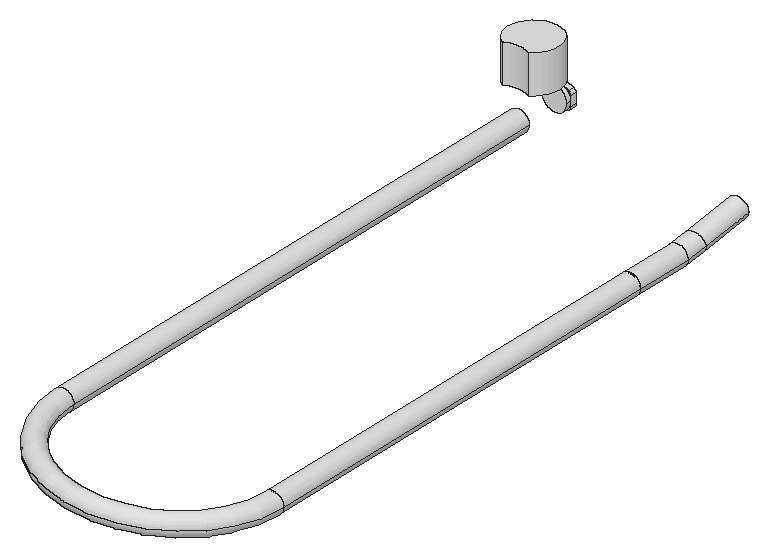
Revit family "Deca_Ducha higiênica com registro e derivação_Targa_1984.40.ACT", category Plumbing Fixtures, host Face, Revit 2020
Family settings
  Host = Face
  Round Connector Dimension = Use Radius
  Part Type = Normal
  Cut with Voids When Loaded = No
  Shared = No
  Room Calculation Point = No
Parameters (values of type "1984.C40.ACT.CR_Cromado")
  Vazão na Pressão mín. (L/min) = "4"
  Vazão na Pressão máx. (L/min) = "6"
  URL = "www.deca.com.br"
  Tipo de rosca de saída = ""
  Tipo de rosca de entrada = "BSP NBR 8133"
  Tipo de mecanismo utilizado = "MVC -1/4 volta"
  Tipo de dispositivo economizador = "Sim"
  Segmento = "Banheiro Competitivo (D41)"
  Saída de Esgoto = ""
  Raio Água Fria Saída = 0.0075 m  # constant formula
  Raio Água Fria = 0.0075 m  # constant formula
  Pressão mín. funcionamento = "2"
  Pressão mín. Aquec. Passagem = ""
  Pressão mín. Aquec. Acúmulo = ""
  Pressão máx. funcionamento = "40"
  Peso Líquido (Kg) = 0.715
  Norma = "NBR14877"
  Model = "1984.C40.ACT.CR"
  Material Secundário = Deca_Branco
  Material = Deca_Cromado
  Manufacturer = "DECA"
  Linha = "Targa"
  Itens de Instalação = ""
  Informações Complementares = ""
  Default Elevation = 0.70 m
  Diâmetro Água Fria Saída = 2 * Raio Água Fria Saída  # 0.015 m
  Diâmetro Água Fria = 2 * Raio Água Fria  # 0.015 m
  Código Pai = "1984.40.ACT"
  Criado por = "quattroD"
  Cores Componente = ""
  Cor Secundária = ""
  Cor Principal = "Cromado"
  Cor Interna = ""
  Consumo = "Otimização do jato de água"
  Composição Componente = ""
  Composição Básica = "Liga cobre (bronze e latão);Aço;Plástico de Engenharia;Elastômeros"
  Composição Assento = ""
  Composição Anel Vedação = ""
  Categoria = "Chuveiros e duchas"
  Atendimento ao Cliente = "0800-0117073"
  Aprovado por = "quattroD"
  Acompanha o Produto = ""
Reference planes (m)
  plane 1 "Center (Front/Back)": y = 0
  plane 2: z = 0
  plane 3 "Center (Left/Right)": x = 0
Forms (m)
  Sweep 1, solid, material "Deca_Cromado" <- "Material"
    path origin (-0.000012, -0.693563, 0.035007) x (0, -1, 0) y (0.996195, 0, -0.087156)
      loop
        line (-0.675563, 0.000001) -> (-0.134541, 0.000001)
        arc (-0.134541, 0.000001) -> (-0.034362, 0.10018) -> (-0.134541, 0.20036) r 0.100179
        line (-0.134541, 0.20036) -> (-0.558206, 0.20036)
    profile origin (-0.00001, -0.288511, 0.035007) x (0.996195, 0, -0.087156) y (0.087156, 0, 0.996195)
      loop
        circle (0, 0) r 0.01
  Sweep 2, solid, material "Deca_Cromado" <- "Material"
    path origin (0.303261, 0.091519, 1.20008) x (0, 1, 0) y (0.087156, 0, 0.996195)
      loop
        line (-0.227488, -1.187053) -> (-0.170394, -1.187053)
        arc (-0.170394, -1.187053) -> (-0.159761, -1.186496) -> (-0.149244, -1.18483) r 0.101728
        arc (-0.149244, -1.18483) -> (-0.124484, -1.180241) -> (-0.099519, -1.176955) r 0.480979
    profile origin (0.199802, -0.107422, 0.017544) x (0.087156, 0, 0.996195) y (0.996195, 0, -0.087156)
      loop
        spline (-0.000077, -0.010216) -> (0.002481, -0.009876) -> (0.004864, -0.008877) -> (0.00691, -0.007287) -> (0.008481, -0.005216) -> (0.009468, -0.002805) -> (0.009804, -0.000216) -> (0.009468, 0.002372) -> (0.008481, 0.004784) -> (0.00691, 0.006855) -> (0.004864, 0.008444) -> (0.002481, 0.009443) -> (-0.000077, 0.009784)
        spline (-0.000077, 0.009784) -> (-0.002634, 0.009443) -> (-0.005017, 0.008444) -> (-0.007064, 0.006855) -> (-0.008634, 0.004784) -> (-0.009621, 0.002372) -> (-0.009958, -0.000216) -> (-0.009621, -0.002805) -> (-0.008634, -0.005216) -> (-0.007064, -0.007287) -> (-0.005017, -0.008877) -> (-0.002634, -0.009876) -> (-0.000077, -0.010216)
  Extrusion 3, solid, material "Deca_Cromado" <- "Material"
    sketch origin (0, -0.066348, 0) x (-1, 0, 0) y (0, 1, 0)
      loop
        arc (-0.012566, 0.045319) -> (0.000002, 0.048078) -> (0.012569, 0.045319) r 0.03
        arc (0.012569, 0.045319) -> (0.000002, 0.090846) -> (-0.012566, 0.045319) r 0.024498
    from -0.099173 to -0.062449
  Extrusion 4, solid, material "Deca_Cromado" <- "Material"
    sketch origin (0, 0.0254, 0.035) x (-1, 0, 0) y (0, 0, -1)
      loop
        line (-0.01, -0.008083) -> (-0.002, -0.012702)
        arc (-0.002, -0.012702) -> (0, -0.013238) -> (0.002, -0.012702) r 0.004
        line (0.002, -0.012702) -> (0.01, -0.008083)
        arc (0.01, -0.008083) -> (0.011464, -0.006619) -> (0.012, -0.004619) r 0.004
        line (0.012, -0.004619) -> (0.012, 0.004619)
        arc (0.012, 0.004619) -> (0.011464, 0.006619) -> (0.01, 0.008083) r 0.004
        line (0.01, 0.008083) -> (0.002, 0.012702)
        arc (0.002, 0.012702) -> (0, 0.013238) -> (-0.002, 0.012702) r 0.004
        line (-0.002, 0.012702) -> (-0.01, 0.008083)
        arc (-0.01, 0.008083) -> (-0.011464, 0.006619) -> (-0.012, 0.004619) r 0.004
        line (-0.012, 0.004619) -> (-0.012, -0.004619)
        arc (-0.012, -0.004619) -> (-0.011464, -0.006619) -> (-0.01, -0.008083) r 0.004
    from -0.0095 to -0.004015
  Extrusion 5, solid, material "Deca_Cromado" <- "Material"
    sketch origin (0, 0.029415, 0.035) x (-1, 0, 0) y (0, 0, -1)
      loop
        circle (0.000021, 0.000001) r 0.011571
    from 0 to 0.004015
Lines and regions (m)
  Masking region 1
    outline origin (-2.018205, -1.24086, 0) x (1, 0, 0) y (0, 1, 0)
      loop
        arc (2.006203, 1.26836) -> (1.993105, 1.257296) -> (1.988205, 1.240865) r 0.03
        arc (1.988205, 1.240865) -> (1.993855, 1.223342) -> (2.008677, 1.212418) r 0.03
        line (2.008677, 1.212418) -> (2.008677, 1.208744)
        arc (2.008677, 1.208744) -> (2.009121, 1.207497) -> (2.010252, 1.206809) r 0.001976
        line (2.010252, 1.206809) -> (2.0112, 1.206784) -> (2.0112, 0.680537)
        arc (2.0112, 0.680537) -> (2.118186, 0.573551) -> (2.225173, 0.680537) r 0.106986
        line (2.225173, 0.680537) -> (2.225175, 1.232859) -> (2.23518, 1.232859) -> (2.23518, 1.255495)
        arc (2.23518, 1.255495) -> (2.234993, 1.256078) -> (2.234501, 1.256442) r 0.001
        arc (2.234501, 1.256442) -> (2.232588, 1.25705) -> (2.230653, 1.257582) r 0.050752
        arc (2.230653, 1.257582) -> (2.23124, 1.257949) -> (2.231673, 1.258489) r 0.002071
        line (2.231673, 1.258489) -> (2.230026, 1.29231) -> (2.226717, 1.320304)
        arc (2.226717, 1.320304) -> (2.228915, 1.32256) -> (2.230448, 1.325311) r 0.011964
        arc (2.230448, 1.325311) -> (2.230974, 1.327126) -> (2.231152, 1.329007) r 0.010056
        line (2.231152, 1.329007) -> (2.231152, 1.341472)
        arc (2.231152, 1.341472) -> (2.229569, 1.34719) -> (2.225769, 1.351746) r 0.014066
        arc (2.225769, 1.351746) -> (2.218177, 1.354088) -> (2.210585, 1.351746) r 0.013479
        arc (2.210585, 1.351746) -> (2.206598, 1.346819) -> (2.205179, 1.340641) r 0.014066
        line (2.205179, 1.340641) -> (2.205196, 1.329007)
        arc (2.205196, 1.329007) -> (2.205374, 1.327126) -> (2.2059, 1.325311) r 0.010056
        arc (2.2059, 1.325311) -> (2.207433, 1.32256) -> (2.209631, 1.320304) r 0.011964
        line (2.209631, 1.320304) -> (2.206321, 1.29231) -> (2.204673, 1.258457)
        arc (2.204673, 1.258457) -> (2.205106, 1.257933) -> (2.205685, 1.257578) r 0.002071
        arc (2.205685, 1.257578) -> (2.203757, 1.257048) -> (2.201852, 1.256442) r 0.050752
        arc (2.201852, 1.256442) -> (2.201361, 1.256078) -> (2.201174, 1.255495) r 0.001
        line (2.201174, 1.255495) -> (2.201174, 1.232859) -> (2.211173, 1.232859) -> (2.211173, 0.680537)
        arc (2.211173, 0.680537) -> (2.118198, 0.587563) -> (2.025223, 0.680537) r 0.092975
        line (2.025223, 0.680537) -> (2.025223, 1.206784) -> (2.026158, 1.206809)
        arc (2.026158, 1.206809) -> (2.027252, 1.207451) -> (2.02773, 1.208626) r 0.001976
        line (2.02773, 1.208626) -> (2.02773, 1.212417)
        arc (2.02773, 1.212417) -> (2.048176, 1.23954) -> (2.030203, 1.268361) r 0.03
        line (2.030203, 1.268361) -> (2.030203, 1.274867)
        arc (2.030203, 1.274867) -> (2.029891, 1.275502) -> (2.029231, 1.27576) r 0.000976
        line (2.029231, 1.27576) -> (2.007179, 1.27576)
        arc (2.007179, 1.27576) -> (2.006489, 1.275474) -> (2.006203, 1.274784) r 0.000976
        line (2.006203, 1.274784) -> (2.006203, 1.26836)
  Masking region 2
    outline origin (0, 0.889898, -0.946899) x (0, 1, 0) y (0, 0, 1)
      loop
        line (-0.910927, 1.043548) -> (-0.910927, 1.009348) -> (-0.902398, 1.009348) -> (-0.902398, 0.999463)
        arc (-0.902398, 0.999463) -> (-0.904158, 0.995228) -> (-0.908393, 0.993469) r 0.006008
        line (-0.908393, 0.993469) -> (-0.911898, 0.993469) -> (-0.911898, 0.992219) -> (-0.913998, 0.991265)
        arc (-0.913998, 0.991265) -> (-0.914295, 0.991983) -> (-0.915013, 0.99228) r 0.001015
        line (-0.915013, 0.99228) -> (-0.921998, 0.99228)
        arc (-0.921998, 0.99228) -> (-0.923412, 0.991694) -> (-0.923998, 0.99028) r 0.002
        line (-0.923998, 0.99028) -> (-0.923998, 0.988899) -> (-1.459134, 0.988899)
        arc (-1.459134, 0.988899) -> (-1.494779, 0.987965) -> (-1.530326, 0.985168) r 0.681084
        arc (-1.530326, 0.985168) -> (-1.543124, 0.982447) -> (-1.555077, 0.977126) r 0.062585
        arc (-1.555077, 0.977126) -> (-1.55856, 0.969657) -> (-1.552733, 0.963829) r 0.007184
        arc (-1.552733, 0.963829) -> (-1.527922, 0.960342) -> (-1.502929, 0.958595) r 0.35895
        line (-1.502929, 0.958595) -> (-0.967929, 0.958595) -> (-0.904883, 0.966336) -> (-0.904625, 0.964869)
        arc (-0.904625, 0.964869) -> (-0.904213, 0.964224) -> (-0.903466, 0.964058) r 0.001
        line (-0.903466, 0.964058) -> (-0.902398, 0.964246) -> (-0.902398, 0.959909)
        arc (-0.902398, 0.959909) -> (-0.904271, 0.959123) -> (-0.905641, 0.957622) r 0.004723
        line (-0.905641, 0.957622) -> (-0.905641, 0.956739) -> (-0.912291, 0.956739)
        arc (-0.912291, 0.956739) -> (-0.912773, 0.956643) -> (-0.913182, 0.95637) r 0.00126
        line (-0.913182, 0.95637) -> (-0.919529, 0.950023)
        arc (-0.919529, 0.950023) -> (-0.919802, 0.949614) -> (-0.919898, 0.949132) r 0.00126
        line (-0.919898, 0.949132) -> (-0.919898, 0.946899) -> (-0.859898, 0.946899) -> (-0.859898, 0.949132)
        arc (-0.859898, 0.949132) -> (-0.859993, 0.949614) -> (-0.860266, 0.950023) r 0.00126
        line (-0.860266, 0.950023) -> (-0.866613, 0.95637)
        arc (-0.866613, 0.95637) -> (-0.867022, 0.956643) -> (-0.867504, 0.956739) r 0.00126
        line (-0.867504, 0.956739) -> (-0.871618, 0.956739) -> (-0.871618, 0.966036) -> (-0.860012, 0.968661) -> (-0.854998, 0.968661) -> (-0.854998, 0.969795) -> (-0.83643, 0.973995) -> (-0.813105, 0.980966) -> (-0.802183, 0.95768) -> (-0.8006, 0.956766) -> (-0.801706, 0.956247) -> (-0.798784, 0.952094) -> (-0.776522, 0.962536) -> (-0.777847, 0.967437) -> (-0.778963, 0.966913) -> (-0.778644, 0.96872) -> (-0.785772, 0.983919)
        arc (-0.785772, 0.983919) -> (-0.78579, 0.984302) -> (-0.785532, 0.984585) r 0.0005
        line (-0.785532, 0.984585) -> (-0.782912, 0.985811)
        arc (-0.782912, 0.985811) -> (-0.782654, 0.986093) -> (-0.782672, 0.986475) r 0.0005
        line (-0.782672, 0.986475) -> (-0.786025, 0.993639)
        arc (-0.786025, 0.993639) -> (-0.786322, 0.993971) -> (-0.786767, 0.993939) r 0.000506
        line (-0.786767, 0.993939) -> (-0.789348, 0.992735)
        arc (-0.789348, 0.992735) -> (-0.79251, 1.000222) -> (-0.797123, 1.006912) r 0.0399
        arc (-0.797123, 1.006912) -> (-0.797884, 1.007551) -> (-0.798811, 1.007907) r 0.003
        arc (-0.798811, 1.007907) -> (-0.803417, 1.008811) -> (-0.808034, 1.009662) r 0.400338
        arc (-0.808034, 1.009662) -> (-0.8268, 1.012548) -> (-0.845682, 1.01454) r 0.4
        line (-0.845682, 1.01454) -> (-0.846331, 1.012314)
        arc (-0.846331, 1.012314) -> (-0.846201, 1.011158) -> (-0.845282, 1.010443) r 0.0015
        line (-0.845282, 1.010443) -> (-0.843039, 1.009823)
        arc (-0.843039, 1.009823) -> (-0.832599, 1.006751) -> (-0.822247, 1.003396) r 0.4
        arc (-0.822247, 1.003396) -> (-0.817828, 1.001494) -> (-0.813766, 0.998917) r 0.03032
        line (-0.813766, 0.998917) -> (-0.840547, 0.997344) -> (-0.87063, 0.993514)
        arc (-0.87063, 0.993514) -> (-0.875366, 0.994973) -> (-0.877398, 0.99949) r 0.006008
        line (-0.877398, 0.99949) -> (-0.877398, 1.009348) -> (-0.865399, 1.009348) -> (-0.865399, 1.042548)
        arc (-0.865399, 1.042548) -> (-0.866131, 1.044316) -> (-0.867899, 1.045048) r 0.0025
        line (-0.867899, 1.045048) -> (-0.909427, 1.045048)
        arc (-0.909427, 1.045048) -> (-0.910487, 1.044609) -> (-0.910927, 1.043548) r 0.0015
  Masking region 3
    outline origin (1.490612, 0, -1.004368) x (-1, 0, 0) y (0, 0, 1)
      loop
        arc (1.307639, 1.013188) -> (1.392893, 1.020447) -> (1.478112, 1.028112) r 17.944347
        line (1.478112, 1.028112) -> (1.478112, 1.017378)
        arc (1.478112, 1.017378) -> (1.476239, 1.016592) -> (1.474869, 1.015091) r 0.004723
        line (1.474869, 1.015091) -> (1.475679, 1.015091) -> (1.475679, 1.014207) -> (1.468219, 1.014207)
        arc (1.468219, 1.014207) -> (1.467737, 1.014112) -> (1.467328, 1.013839) r 0.00126
        line (1.467328, 1.013839) -> (1.460981, 1.007492)
        arc (1.460981, 1.007492) -> (1.460708, 1.007083) -> (1.460612, 1.006601) r 0.00126
        line (1.460612, 1.006601) -> (1.460612, 1.004368) -> (1.520612, 1.004368) -> (1.520612, 1.006601)
        arc (1.520612, 1.006601) -> (1.520517, 1.007083) -> (1.520244, 1.007492) r 0.00126
        line (1.520244, 1.007492) -> (1.513897, 1.013839)
        arc (1.513897, 1.013839) -> (1.513488, 1.014112) -> (1.513006, 1.014207) r 0.00126
        line (1.513006, 1.014207) -> (1.505585, 1.014207) -> (1.505585, 1.015091) -> (1.506475, 1.015091)
        arc (1.506475, 1.015091) -> (1.505018, 1.016565) -> (1.503112, 1.017382) r 0.005404
        line (1.503112, 1.017382) -> (1.503112, 1.066817) -> (1.515111, 1.066817) -> (1.515111, 1.100017)
        arc (1.515111, 1.100017) -> (1.514379, 1.101785) -> (1.512611, 1.102517) r 0.0025
        line (1.512611, 1.102517) -> (1.468614, 1.102517)
        arc (1.468614, 1.102517) -> (1.466846, 1.101785) -> (1.466114, 1.100017) r 0.0025
        line (1.466114, 1.100017) -> (1.466114, 1.066817) -> (1.478112, 1.066817) -> (1.478112, 1.048297)
        arc (1.478112, 1.048297) -> (1.392891, 1.04052) -> (1.307639, 1.033094) r 20.819803
        arc (1.307639, 1.033094) -> (1.30666, 1.038629) -> (1.303842, 1.043492) r 0.016139
        line (1.303842, 1.043492) -> (1.303639, 1.04448) -> (1.303441, 1.045438) -> (1.302855, 1.046368) -> (1.301897, 1.04724) -> (1.300598, 1.048028) -> (1.298639, 1.04886) -> (1.298639, 1.06848)
        arc (1.298639, 1.06848) -> (1.297955, 1.070938) -> (1.295639, 1.072009) r 0.00304
        line (1.295639, 1.072009) -> (1.285639, 1.072009)
        arc (1.285639, 1.072009) -> (1.28367, 1.071285) -> (1.282639, 1.069458) r 0.00304
        line (1.282639, 1.069458) -> (1.282639, 1.048808) -> (1.281442, 1.048381) -> (1.279986, 1.047644) -> (1.278854, 1.04681) -> (1.27808, 1.045906) -> (1.277639, 1.04484) -> (1.277418, 1.043409)
        arc (1.277418, 1.043409) -> (1.274613, 1.038587) -> (1.273639, 1.033094) r 0.015966
        line (1.273639, 1.033094) -> (1.273639, 1.004368) -> (1.307639, 1.004368) -> (1.307639, 1.013188)
  symbolic lines
    curve 1: line (0.213468, 0.01763, 0.027128) -> (0.211821, 0.051451, 0.027128)
    curve 2: line (0.188116, 0.051451, 0.027128) -> (0.186468, 0.017597, 0.027128)
    curve 3: line (0.191969, 0.084035, 0.027128) -> (0.188116, 0.051451, 0.027128)
    curve 4: line (0.211821, 0.051451, 0.027128) -> (0.207969, 0.084035, 0.027128)
    curve 5: line (0.207969, 0.081337, 0.027128) -> (0.207969, 0.047262, 0.027128)
    curve 6: line (0.207969, 0.047262, 0.027128) -> (0.207891, 0.045492, 0.027128)
    curve 7: line (0.207891, 0.045492, 0.027128) -> (0.207792, 0.044614, 0.027128)
    curve 8: line (0.207792, 0.044614, 0.027128) -> (0.207649, 0.043743, 0.027128)
    curve 9: line (0.191969, 0.046241, 0.027128) -> (0.191969, 0.081337, 0.027128)
    curve 10: line (0.194969, 0.081863, 0.027128) -> (0.194969, 0.043945, 0.027128)
    curve 11: line (0.204969, 0.043945, 0.027128) -> (0.204969, 0.081863, 0.027128)
    curve 12: line (0.193025, 0.087287, 0.027128) -> (0.192678, 0.086318, 0.027128)
    curve 13: line (0.192678, 0.086318, 0.027128) -> (0.192405, 0.085323, 0.027128)
    curve 14: line (0.192405, 0.085323, 0.027128) -> (0.192203, 0.084312, 0.027128)
    curve 15: line (0.192203, 0.084312, 0.027128) -> (0.192025, 0.08283, 0.027128)
    curve 16: line (0.191969, 0.08283, 0.027128) -> (0.191969, 0.093212, 0.027128)
    curve 17: line (0.207969, 0.093212, 0.027128) -> (0.207969, 0.081337, 0.027128)
    curve 18: line (0.207969, 0.081337, 0.027128) -> (0.207969, 0.046077, 0.027128)
    curve 19: line (0.207969, 0.047262, 0.027128) -> (0.207891, 0.045492, 0.027128)
    curve 20: line (0.207891, 0.045492, 0.027128) -> (0.207792, 0.044614, 0.027128)
    curve 21: line (0.207792, 0.044614, 0.027128) -> (0.207649, 0.043743, 0.027128)
    curve 22: arc (0.207969, 0.093212, 0.027128) -> (0.205454, 0.0985, 0.027128) -> (0.199969, 0.100549, 0.027128) r 0.007801
    curve 23: arc (0.191969, 0.093212, 0.027128) -> (0.194483, 0.0985, 0.027128) -> (0.199969, 0.100549, 0.027128) r 0.007801
    curve 24: line (0.199969, 0.100549, 0.027128) -> (0.199969, 0.091086, 0.027128)
    curve 25: arc (0.199969, 0.092774, 0.027128) -> (0.198339, 0.092575, 0.027128) -> (0.196829, 0.091933, 0.027128) r 0.005871
    curve 26: arc (0.196829, 0.091933, 0.027128) -> (0.194525, 0.089939, 0.027128) -> (0.193025, 0.087287, 0.027128) r 0.008943
    curve 27: arc (0.199969, 0.092774, 0.027128) -> (0.201598, 0.092575, 0.027128) -> (0.203109, 0.091933, 0.027128) r 0.005871
    curve 28: arc (0.203109, 0.091933, 0.027128) -> (0.205412, 0.089939, 0.027128) -> (0.206913, 0.087287, 0.027128) r 0.008943
    curve 29: line (0.206913, 0.087287, 0.027128) -> (0.20726, 0.086318, 0.027128)
    curve 30: line (0.20726, 0.086318, 0.027128) -> (0.207532, 0.085323, 0.027128)
    curve 31: line (0.207532, 0.085323, 0.027128) -> (0.207734, 0.084312, 0.027128)
    curve 32: line (0.207734, 0.084312, 0.027128) -> (0.207913, 0.08283, 0.027128)
    curve 33: arc (0.199969, 0.091086, 0.027128) -> (0.198519, 0.090741, 0.027128) -> (0.197322, 0.089852, 0.027128) r 0.003706
    curve 34: arc (0.197322, 0.089852, 0.027128) -> (0.196138, 0.088122, 0.027128) -> (0.195434, 0.086146, 0.027128) r 0.008141
    curve 35: arc (0.195434, 0.086146, 0.027128) -> (0.195085, 0.084017, 0.027128) -> (0.194969, 0.081863, 0.027128) r 0.01994
    curve 36: arc (0.199969, 0.091086, 0.027128) -> (0.201419, 0.090741, 0.027128) -> (0.202615, 0.089852, 0.027128) r 0.003706
    curve 37: arc (0.202615, 0.089852, 0.027128) -> (0.2038, 0.088122, 0.027128) -> (0.204503, 0.086146, 0.027128) r 0.008141
    curve 38: arc (0.204503, 0.086146, 0.027128) -> (0.204852, 0.084017, 0.027128) -> (0.204969, 0.081863, 0.027128) r 0.01994
    curve 39: arc (0.194969, 0.081863, 0.027128) -> (0.19344, 0.081766, 0.027128) -> (0.191969, 0.081337, 0.027128) r 0.006996
    curve 40: arc (0.204969, 0.081863, 0.027128) -> (0.206498, 0.081766, 0.027128) -> (0.207969, 0.081337, 0.027128) r 0.006996
    curve 41: arc (0.19577, 0.099457, 0.027128) -> (0.192308, 0.097837, 0.027128) -> (0.18951, 0.095235, 0.027128) r 0.01231
    curve 42: arc (0.18951, 0.095235, 0.027128) -> (0.187918, 0.09254, 0.027128) -> (0.187085, 0.089523, 0.027128) r 0.011879
    curve 43: arc (0.187085, 0.089523, 0.027128) -> (0.187063, 0.086948, 0.027128) -> (0.187695, 0.084451, 0.027128) r 0.010056
    curve 44: arc (0.187695, 0.084451, 0.027128) -> (0.189228, 0.0817, 0.027128) -> (0.191426, 0.079444, 0.027128) r 0.011964
    curve 45: arc (0.204168, 0.099457, 0.027128) -> (0.207629, 0.097837, 0.027128) -> (0.210428, 0.095235, 0.027128) r 0.01231
    curve 46: arc (0.210428, 0.095235, 0.027128) -> (0.212019, 0.09254, 0.027128) -> (0.212852, 0.089523, 0.027128) r 0.011879
    curve 47: arc (0.212852, 0.089523, 0.027128) -> (0.212875, 0.086948, 0.027128) -> (0.212243, 0.084451, 0.027128) r 0.010056
    curve 48: arc (0.212243, 0.084451, 0.027128) -> (0.210709, 0.0817, 0.027128) -> (0.208512, 0.079444, 0.027128) r 0.011964
    curve 49: arc (0.199969, 0.111254, 0.027128) -> (0.195653, 0.110532, 0.027128) -> (0.191737, 0.108579, 0.027128) r 0.014792
    curve 50: arc (0.191737, 0.108579, 0.027128) -> (0.188322, 0.104751, 0.027128) -> (0.186974, 0.099802, 0.027128) r 0.011191
    curve 51: arc (0.199969, 0.111254, 0.027128) -> (0.204285, 0.110532, 0.027128) -> (0.2082, 0.108579, 0.027128) r 0.014792
    curve 52: arc (0.2082, 0.108579, 0.027128) -> (0.211532, 0.104903, 0.027128) -> (0.212947, 0.100148, 0.027128) r 0.011191
    curve 53: arc (0.192969, 0.006255, 0.027128) -> (0.199972, 0.005833, 0.027128) -> (0.206975, 0.006255, 0.027128) r 0.05825
    curve 54: arc (0.192969, 0.004571, 0.027128) -> (0.199972, 0.004132, 0.027128) -> (0.206975, 0.004571, 0.027128) r 0.056151
    curve 55: line (0.192969, 0.01376, 0.027128) -> (0.192969, -0.008, 0.027128)
    curve 56: line (0.192969, -0.008, 0.027128) -> (0.182969, -0.008, 0.027128)
    curve 57: line (0.182969, -0.008, 0.027128) -> (0.182969, 0.014636, 0.027128)
    curve 58: arc (0.192969, 0.01376, 0.027128) -> (0.192725, 0.014414, 0.027128) -> (0.192113, 0.01475, 0.027128) r 0.001
    curve 59: arc (0.187482, 0.016719, 0.027128) -> (0.185553, 0.016189, 0.027128) -> (0.183647, 0.015583, 0.027128) r 0.050752
    curve 60: arc (0.182969, 0.014636, 0.027128) -> (0.183156, 0.015218, 0.027128) -> (0.183647, 0.015583, 0.027128) r 0.001
    curve 61: arc (0.192113, 0.01475, 0.027128) -> (0.190188, 0.015129, 0.027128) -> (0.18831, 0.015698, 0.027128) r 0.019731
    curve 62: arc (0.18831, 0.015698, 0.027128) -> (0.187792, 0.016124, 0.027128) -> (0.187482, 0.016719, 0.027128) r 0.001681
    curve 63: line (0.206975, 0.01376, 0.027128) -> (0.206975, -0.008, 0.027128)
    curve 64: line (0.206975, -0.008, 0.027128) -> (0.216975, -0.008, 0.027128)
    curve 65: line (0.216975, -0.008, 0.027128) -> (0.216975, 0.014636, 0.027128)
    curve 66: arc (0.206975, 0.01376, 0.027128) -> (0.207218, 0.014414, 0.027128) -> (0.20783, 0.01475, 0.027128) r 0.001
    curve 67: arc (0.212461, 0.016719, 0.027128) -> (0.21439, 0.016189, 0.027128) -> (0.216296, 0.015583, 0.027128) r 0.050752
    curve 68: arc (0.216975, 0.014636, 0.027128) -> (0.216788, 0.015218, 0.027128) -> (0.216296, 0.015583, 0.027128) r 0.001
    curve 69: arc (0.20783, 0.01475, 0.027128) -> (0.209756, 0.015129, 0.027128) -> (0.211633, 0.015698, 0.027128) r 0.019731
    curve 70: arc (0.211633, 0.015698, 0.027128) -> (0.212151, 0.016124, 0.027128) -> (0.212461, 0.016719, 0.027128) r 0.001681
    curve 71: line (0.192131, 0.043547, 0.027128) -> (0.207811, 0.043547, 0.027128)
    curve 72: arc (0.192131, 0.043547, 0.027128) -> (0.192026, 0.044893, 0.027128) -> (0.191969, 0.046241, 0.027128) r 0.038017
    curve 73: arc (0.207811, 0.043547, 0.027128) -> (0.207911, 0.044811, 0.027128) -> (0.207969, 0.046077, 0.027128) r 0.038017
    curve 74: arc (0.213468, 0.01763, 0.027128) -> (0.212934, 0.017005, 0.027128) -> (0.212199, 0.016638, 0.027128) r 0.002071
    curve 75: arc (0.212199, 0.016638, 0.027128) -> (0.199959, 0.01527, 0.027128) -> (0.187719, 0.016638, 0.027128) r 0.055458
    curve 76: arc (0.186468, 0.017597, 0.027128) -> (0.186998, 0.016994, 0.027128) -> (0.187719, 0.016638, 0.027128) r 0.002071
    curve 77: arc (0.191969, 0.049889, 0.027128) -> (0.190351, 0.050187, 0.027128) -> (0.188795, 0.050721, 0.027128) r 0.011039
    curve 78: arc (0.188795, 0.050721, 0.027128) -> (0.188376, 0.051005, 0.027128) -> (0.188092, 0.051424, 0.027128) r 0.001341
    curve 79: arc (0.207969, 0.049889, 0.027128) -> (0.209589, 0.050186, 0.027128) -> (0.211147, 0.050721, 0.027128) r 0.011039
    curve 80: arc (0.211147, 0.050721, 0.027128) -> (0.211566, 0.051005, 0.027128) -> (0.21185, 0.051424, 0.027128) r 0.001341
    curve 81: arc (0.192131, 0.043547, 0.027128) -> (0.199971, 0.044216, 0.027128) -> (0.207811, 0.043547, 0.027128) r 0.046313
    curve 82: line (-0.007005, -0.034076, 0.027128) -> (-0.007005, -0.560322, 0.027128)
    curve 83: line (0.007018, -0.034075, 0.027128) -> (0.007018, -0.560322, 0.027128)
    curve 84: line (-0.010005, -0.0468, 0.027128) -> (0.009995, -0.0468, 0.027128)
    curve 85: line (-0.010005, -0.0543, 0.027128) -> (0.009995, -0.0543, 0.027128)
    curve 86: line (-0.010005, -0.0618, 0.027128) -> (0.009995, -0.0618, 0.027128)
    curve 87: line (-0.010005, -0.0693, 0.027128) -> (0.009995, -0.0693, 0.027128)
    curve 88: line (-0.010005, -0.0768, 0.027128) -> (0.009995, -0.0768, 0.027128)
    curve 89: line (-0.010005, -0.0843, 0.027128) -> (0.009995, -0.0843, 0.027128)
    curve 90: line (-0.010005, -0.0918, 0.027128) -> (0.009995, -0.0918, 0.027128)
    curve 91: line (-0.010005, -0.0993, 0.027128) -> (0.009995, -0.0993, 0.027128)
    curve 92: line (-0.010005, -0.1068, 0.027128) -> (0.009995, -0.1068, 0.027128)
    curve 93: line (-0.010005, -0.1143, 0.027128) -> (0.009995, -0.1143, 0.027128)
    curve 94: line (-0.010005, -0.1218, 0.027128) -> (0.009995, -0.1218, 0.027128)
    curve 95: line (-0.010005, -0.1293, 0.027128) -> (0.009995, -0.1293, 0.027128)
    curve 96: line (-0.010005, -0.1368, 0.027128) -> (0.009995, -0.1368, 0.027128)
    curve 97: line (-0.010005, -0.1443, 0.027128) -> (0.009995, -0.1443, 0.027128)
    curve 98: line (-0.010005, -0.1518, 0.027128) -> (0.009995, -0.1518, 0.027128)
    curve 99: line (-0.010005, -0.1593, 0.027128) -> (0.009995, -0.1593, 0.027128)
    curve 100: line (-0.010005, -0.1668, 0.027128) -> (0.009995, -0.1668, 0.027128)
    curve 101: line (-0.010005, -0.1743, 0.027128) -> (0.009995, -0.1743, 0.027128)
    curve 102: line (-0.010005, -0.1818, 0.027128) -> (0.009995, -0.1818, 0.027128)
    curve 103: line (-0.010005, -0.1893, 0.027128) -> (0.009995, -0.1893, 0.027128)
    curve 104: line (-0.010005, -0.1968, 0.027128) -> (0.009995, -0.1968, 0.027128)
    curve 105: line (-0.010005, -0.2043, 0.027128) -> (0.009995, -0.2043, 0.027128)
    curve 106: line (-0.010005, -0.2118, 0.027128) -> (0.009995, -0.2118, 0.027128)
    curve 107: line (-0.010005, -0.2193, 0.027128) -> (0.009995, -0.2193, 0.027128)
    curve 108: line (-0.010005, -0.2268, 0.027128) -> (0.009995, -0.2268, 0.027128)
    curve 109: line (-0.010005, -0.2343, 0.027128) -> (0.009995, -0.2343, 0.027128)
    curve 110: line (-0.010005, -0.2418, 0.027128) -> (0.009995, -0.2418, 0.027128)
    curve 111: line (-0.010005, -0.2493, 0.027128) -> (0.009995, -0.2493, 0.027128)
    curve 112: line (-0.010005, -0.2568, 0.027128) -> (0.009995, -0.2568, 0.027128)
    curve 113: line (-0.010005, -0.2643, 0.027128) -> (0.009995, -0.2643, 0.027128)
    curve 114: line (-0.010005, -0.2718, 0.027128) -> (0.009995, -0.2718, 0.027128)
    curve 115: line (-0.010005, -0.2793, 0.027128) -> (0.009995, -0.2793, 0.027128)
    curve 116: line (-0.010005, -0.2868, 0.027128) -> (0.009995, -0.2868, 0.027128)
    curve 117: line (-0.010005, -0.2943, 0.027128) -> (0.009995, -0.2943, 0.027128)
    curve 118: line (-0.010005, -0.3018, 0.027128) -> (0.009995, -0.3018, 0.027128)
    curve 119: line (-0.010005, -0.3093, 0.027128) -> (0.009995, -0.3093, 0.027128)
    curve 120: line (-0.010005, -0.3168, 0.027128) -> (0.009995, -0.3168, 0.027128)
    curve 121: line (-0.010005, -0.3243, 0.027128) -> (0.009995, -0.3243, 0.027128)
    curve 122: line (-0.010005, -0.3318, 0.027128) -> (0.009995, -0.3318, 0.027128)
    curve 123: line (-0.010005, -0.3393, 0.027128) -> (0.009995, -0.3393, 0.027128)
    curve 124: line (-0.010005, -0.3468, 0.027128) -> (0.009995, -0.3468, 0.027128)
    curve 125: line (-0.010005, -0.3543, 0.027128) -> (0.009995, -0.3543, 0.027128)
    curve 126: line (-0.010005, -0.3618, 0.027128) -> (0.009995, -0.3618, 0.027128)
    curve 127: line (-0.010005, -0.3693, 0.027128) -> (0.009995, -0.3693, 0.027128)
    curve 128: line (-0.010005, -0.3768, 0.027128) -> (0.009995, -0.3768, 0.027128)
    curve 129: line (-0.010005, -0.3843, 0.027128) -> (0.009995, -0.3843, 0.027128)
    curve 130: line (-0.010005, -0.3918, 0.027128) -> (0.009995, -0.3918, 0.027128)
    curve 131: line (-0.010005, -0.3993, 0.027128) -> (0.009995, -0.3993, 0.027128)
    curve 132: line (-0.010005, -0.4068, 0.027128) -> (0.009995, -0.4068, 0.027128)
    curve 133: line (-0.010005, -0.4143, 0.027128) -> (0.009995, -0.4143, 0.027128)
    curve 134: line (-0.010005, -0.4218, 0.027128) -> (0.009995, -0.4218, 0.027128)
    curve 135: line (-0.010005, -0.4293, 0.027128) -> (0.009995, -0.4293, 0.027128)
    curve 136: line (-0.010005, -0.4368, 0.027128) -> (0.009995, -0.4368, 0.027128)
    curve 137: line (-0.010005, -0.4443, 0.027128) -> (0.009995, -0.4443, 0.027128)
    curve 138: line (-0.010005, -0.4518, 0.027128) -> (0.009995, -0.4518, 0.027128)
    curve 139: line (-0.010005, -0.4593, 0.027128) -> (0.009995, -0.4593, 0.027128)
    curve 140: line (-0.010005, -0.4668, 0.027128) -> (0.009995, -0.4668, 0.027128)
    curve 141: line (-0.010005, -0.4743, 0.027128) -> (0.009995, -0.4743, 0.027128)
    curve 142: line (-0.010005, -0.4818, 0.027128) -> (0.009995, -0.4818, 0.027128)
    curve 143: line (-0.010005, -0.4893, 0.027128) -> (0.009995, -0.4893, 0.027128)
    curve 144: line (-0.010005, -0.4968, 0.027128) -> (0.009995, -0.4968, 0.027128)
    curve 145: line (-0.010005, -0.5043, 0.027128) -> (0.009995, -0.5043, 0.027128)
    curve 146: line (-0.010005, -0.5118, 0.027128) -> (0.009995, -0.5118, 0.027128)
    curve 147: line (-0.010005, -0.5193, 0.027128) -> (0.009995, -0.5193, 0.027128)
    curve 148: line (-0.010005, -0.5268, 0.027128) -> (0.009995, -0.5268, 0.027128)
    curve 149: line (-0.010005, -0.5343, 0.027128) -> (0.009995, -0.5343, 0.027128)
    curve 150: line (-0.010005, -0.5418, 0.027128) -> (0.009995, -0.5418, 0.027128)
    curve 151: line (-0.010005, -0.5493, 0.027128) -> (0.009995, -0.5493, 0.027128)
    curve 152: line (-0.010005, -0.5568, 0.027128) -> (0.009995, -0.5568, 0.027128)
    curve 153: line (-0.010005, -0.5643, 0.027128) -> (0.009995, -0.5643, 0.027128)
    curve 154: line (0.189969, -0.036479, 0.027128) -> (0.209969, -0.036479, 0.027128)
    curve 155: line (0.189969, -0.043979, 0.027128) -> (0.209969, -0.043979, 0.027128)
    curve 156: line (0.189969, -0.051479, 0.027128) -> (0.209969, -0.051479, 0.027128)
    curve 157: line (0.189969, -0.058979, 0.027128) -> (0.209969, -0.058979, 0.027128)
    curve 158: line (0.189969, -0.066479, 0.027128) -> (0.209969, -0.066479, 0.027128)
    curve 159: line (0.189969, -0.073979, 0.027128) -> (0.209969, -0.073979, 0.027128)
    curve 160: line (0.189969, -0.081479, 0.027128) -> (0.209969, -0.081479, 0.027128)
    curve 161: line (0.189969, -0.088979, 0.027128) -> (0.209969, -0.088979, 0.027128)
    curve 162: line (0.189969, -0.096479, 0.027128) -> (0.209969, -0.096479, 0.027128)
    curve 163: line (0.189969, -0.103979, 0.027128) -> (0.209969, -0.103979, 0.027128)
    curve 164: line (0.189969, -0.111479, 0.027128) -> (0.209969, -0.111479, 0.027128)
    curve 165: line (0.189969, -0.118979, 0.027128) -> (0.209969, -0.118979, 0.027128)
    curve 166: line (0.189969, -0.126479, 0.027128) -> (0.209969, -0.126479, 0.027128)
    curve 167: line (0.189969, -0.133979, 0.027128) -> (0.209969, -0.133979, 0.027128)
    curve 168: line (0.189969, -0.141479, 0.027128) -> (0.209969, -0.141479, 0.027128)
    curve 169: line (0.189969, -0.148979, 0.027128) -> (0.209969, -0.148979, 0.027128)
    curve 170: line (0.189969, -0.156479, 0.027128) -> (0.209969, -0.156479, 0.027128)
    curve 171: line (0.189969, -0.163979, 0.027128) -> (0.209969, -0.163979, 0.027128)
    curve 172: line (0.189969, -0.171479, 0.027128) -> (0.209969, -0.171479, 0.027128)
    curve 173: line (0.189969, -0.178979, 0.027128) -> (0.209969, -0.178979, 0.027128)
    curve 174: line (0.189969, -0.186479, 0.027128) -> (0.209969, -0.186479, 0.027128)
    curve 175: line (0.189969, -0.193979, 0.027128) -> (0.209969, -0.193979, 0.027128)
    curve 176: line (0.189969, -0.201479, 0.027128) -> (0.209969, -0.201479, 0.027128)
    curve 177: line (0.189969, -0.208979, 0.027128) -> (0.209969, -0.208979, 0.027128)
    curve 178: line (0.189969, -0.216479, 0.027128) -> (0.209969, -0.216479, 0.027128)
    curve 179: line (0.189969, -0.223979, 0.027128) -> (0.209969, -0.223979, 0.027128)
    curve 180: line (0.189969, -0.231479, 0.027128) -> (0.209969, -0.231479, 0.027128)
    curve 181: line (0.189969, -0.238979, 0.027128) -> (0.209969, -0.238979, 0.027128)
    curve 182: line (0.189969, -0.246479, 0.027128) -> (0.209969, -0.246479, 0.027128)
    curve 183: line (0.189969, -0.253979, 0.027128) -> (0.209969, -0.253979, 0.027128)
    curve 184: line (0.189969, -0.261479, 0.027128) -> (0.209969, -0.261479, 0.027128)
    curve 185: line (0.189969, -0.268979, 0.027128) -> (0.209969, -0.268979, 0.027128)
    curve 186: line (0.189969, -0.276479, 0.027128) -> (0.209969, -0.276479, 0.027128)
    curve 187: line (0.189969, -0.283979, 0.027128) -> (0.209969, -0.283979, 0.027128)
    curve 188: line (0.189969, -0.291479, 0.027128) -> (0.209969, -0.291479, 0.027128)
    curve 189: line (0.189969, -0.298979, 0.027128) -> (0.209969, -0.298979, 0.027128)
    curve 190: line (0.189969, -0.306479, 0.027128) -> (0.209969, -0.306479, 0.027128)
    curve 191: line (0.189969, -0.313979, 0.027128) -> (0.209969, -0.313979, 0.027128)
    curve 192: line (0.189969, -0.321479, 0.027128) -> (0.209969, -0.321479, 0.027128)
    curve 193: line (0.189969, -0.328979, 0.027128) -> (0.209969, -0.328979, 0.027128)
    curve 194: line (0.189969, -0.336479, 0.027128) -> (0.209969, -0.336479, 0.027128)
    curve 195: line (0.189969, -0.343979, 0.027128) -> (0.209969, -0.343979, 0.027128)
    curve 196: line (0.189969, -0.351479, 0.027128) -> (0.209969, -0.351479, 0.027128)
    curve 197: line (0.189969, -0.358979, 0.027128) -> (0.209969, -0.358979, 0.027128)
    curve 198: line (0.189969, -0.366479, 0.027128) -> (0.209969, -0.366479, 0.027128)
    curve 199: line (0.189969, -0.373979, 0.027128) -> (0.209969, -0.373979, 0.027128)
    curve 200: line (0.189969, -0.381479, 0.027128) -> (0.209969, -0.381479, 0.027128)
    curve 201: line (0.189969, -0.388979, 0.027128) -> (0.209969, -0.388979, 0.027128)
    curve 202: line (0.189969, -0.396479, 0.027128) -> (0.209969, -0.396479, 0.027128)
    curve 203: line (0.189969, -0.403979, 0.027128) -> (0.209969, -0.403979, 0.027128)
    curve 204: line (0.189969, -0.411479, 0.027128) -> (0.209969, -0.411479, 0.027128)
    curve 205: line (0.189969, -0.418979, 0.027128) -> (0.209969, -0.418979, 0.027128)
    curve 206: line (0.189969, -0.426479, 0.027128) -> (0.209969, -0.426479, 0.027128)
    curve 207: line (0.189969, -0.433979, 0.027128) -> (0.209969, -0.433979, 0.027128)
    curve 208: line (0.189969, -0.441479, 0.027128) -> (0.209969, -0.441479, 0.027128)
    curve 209: line (0.189969, -0.448979, 0.027128) -> (0.209969, -0.448979, 0.027128)
    curve 210: line (0.189969, -0.456479, 0.027128) -> (0.209969, -0.456479, 0.027128)
    curve 211: line (0.189969, -0.463979, 0.027128) -> (0.209969, -0.463979, 0.027128)
    curve 212: line (0.189969, -0.471479, 0.027128) -> (0.209969, -0.471479, 0.027128)
    curve 213: line (0.189969, -0.478979, 0.027128) -> (0.209969, -0.478979, 0.027128)
    curve 214: line (0.189969, -0.486479, 0.027128) -> (0.209969, -0.486479, 0.027128)
    curve 215: line (0.189969, -0.493979, 0.027128) -> (0.209969, -0.493979, 0.027128)
    curve 216: line (0.189969, -0.501479, 0.027128) -> (0.209969, -0.501479, 0.027128)
    curve 217: line (0.189969, -0.508979, 0.027128) -> (0.209969, -0.508979, 0.027128)
    curve 218: line (0.189969, -0.516479, 0.027128) -> (0.209969, -0.516479, 0.027128)
    curve 219: line (0.189969, -0.523979, 0.027128) -> (0.209969, -0.523979, 0.027128)
    curve 220: line (0.189969, -0.531479, 0.027128) -> (0.209969, -0.531479, 0.027128)
    curve 221: line (0.189969, -0.538979, 0.027128) -> (0.209969, -0.538979, 0.027128)
    curve 222: line (0.189969, -0.546479, 0.027128) -> (0.209969, -0.546479, 0.027128)
    curve 223: line (0.189969, -0.553979, 0.027128) -> (0.209969, -0.553979, 0.027128)
    curve 224: line (0.189969, -0.558979, 0.027128) -> (0.209969, -0.558979, 0.027128)
    curve 225: line (0.189885, -0.564191, 0.027128) -> (0.209836, -0.565587, 0.027128)
    curve 226: line (0.189438, -0.570582, 0.027128) -> (0.209243, -0.573366, 0.027128)
    curve 227: line (0.188362, -0.576928, 0.027128) -> (0.207925, -0.581086, 0.027128)
    curve 228: line (0.187032, -0.583188, 0.027128) -> (0.206304, -0.588714, 0.027128)
    curve 229: line (0.185092, -0.589219, 0.027128) -> (0.203886, -0.596059, 0.027128)
    curve 230: line (0.18281, -0.595184, 0.027128) -> (0.200938, -0.603637, 0.027128)
    curve 231: line (0.180087, -0.601023, 0.027128) -> (0.197624, -0.610744, 0.027128)
    curve 232: line (0.177037, -0.606526, 0.027128) -> (0.193894, -0.617473, 0.027128)
    curve 233: line (0.173594, -0.611827, 0.027128) -> (0.189568, -0.623864, 0.027128)
    curve 234: line (0.169798, -0.616865, 0.027128) -> (0.18493, -0.630019, 0.027128)
    curve 235: line (0.165662, -0.621623, 0.027128) -> (0.179874, -0.635836, 0.027128)
    curve 236: line (0.161208, -0.626077, 0.027128) -> (0.174426, -0.641283, 0.027128)
    curve 237: line (0.156458, -0.630206, 0.027128) -> (0.168346, -0.646569, 0.027128)
    curve 238: line (0.151013, -0.634162, 0.027128) -> (0.16233, -0.65094, 0.027128)
    curve 239: line (0.145634, -0.63779, 0.027128) -> (0.155634, -0.655111, 0.027128)
    curve 240: line (0.140085, -0.640735, 0.027128) -> (0.148973, -0.658957, 0.027128)
    curve 241: line (0.134296, -0.643377, 0.027128) -> (0.141789, -0.661922, 0.027128)
    curve 242: line (0.128335, -0.645602, 0.027128) -> (0.134516, -0.664623, 0.027128)
    curve 243: line (0.122233, -0.647398, 0.027128) -> (0.127072, -0.666804, 0.027128)
    curve 244: line (0.116021, -0.648757, 0.027128) -> (0.11919, -0.668769, 0.027128)
    curve 245: line (0.10985, -0.649735, 0.027128) -> (0.111593, -0.669659, 0.027128)
    curve 246: line (0.103291, -0.650309, 0.027128) -> (0.104067, -0.670317, 0.027128)
    curve 247: line (0.097028, -0.650155, 0.027128) -> (0.095982, -0.670128, 0.027128)
    curve 248: line (0.090685, -0.649721, 0.027128) -> (0.088229, -0.669722, 0.027128)
    curve 249: line (0.084674, -0.648982, 0.027128) -> (0.080468, -0.668769, 0.027128)
    curve 250: line (0.078164, -0.647599, 0.027128) -> (0.072921, -0.667165, 0.027128)
    curve 251: line (0.072057, -0.645743, 0.027128) -> (0.065546, -0.664654, 0.027128)
    curve 252: line (0.066094, -0.64369, 0.027128) -> (0.057928, -0.662031, 0.027128)
    curve 253: line (0.060433, -0.64117, 0.027128) -> (0.050985, -0.658939, 0.027128)
    curve 254: line (0.054717, -0.638131, 0.027128) -> (0.044204, -0.654956, 0.027128)
    curve 255: line (0.049298, -0.634509, 0.027128) -> (0.037491, -0.650761, 0.027128)
    curve 256: line (0.044287, -0.630868, 0.027128) -> (0.031343, -0.646294, 0.027128)
    curve 257: line (0.039242, -0.626635, 0.027128) -> (0.024948, -0.640929, 0.027128)
    curve 258: line (0.034779, -0.622122, 0.027128) -> (0.019916, -0.635505, 0.027128)
    curve 259: line (0.030559, -0.617341, 0.027128) -> (0.014945, -0.629984, 0.027128)
    curve 260: line (0.026686, -0.612272, 0.027128) -> (0.009816, -0.62365, 0.027128)
    curve 261: line (0.02319, -0.607089, 0.027128) -> (0.005804, -0.616847, 0.027128)
    curve 262: line (0.019987, -0.601383, 0.027128) -> (0.00217, -0.610372, 0.027128)
    curve 263: line (0.01733, -0.595597, 0.027128) -> (-0.001571, -0.602958, 0.027128)
    curve 264: line (0.015054, -0.589752, 0.027128) -> (-0.004072, -0.595599, 0.027128)
    curve 265: line (0.013035, -0.583149, 0.027128) -> (-0.006295, -0.588328, 0.027128)
    curve 266: line (0.011679, -0.577316, 0.027128) -> (-0.008017, -0.580789, 0.027128)
    curve 267: line (0.010575, -0.571055, 0.027128) -> (-0.009364, -0.57315, 0.027128)
    curve 268: arc (0.007018, -0.560322, 0.027128) -> (0.099993, -0.653297, 0.027128) -> (0.192967, -0.560322, 0.027128) r 0.092975
    curve 269: arc (-0.007005, -0.560322, 0.027128) -> (0.099981, -0.667308, 0.027128) -> (0.206967, -0.560322, 0.027128) r 0.106986
    curve 270: line (0.192967, -0.560322, 0.027128) -> (0.192967, -0.008004, 0.027128)
    curve 271: line (0.206969, -0.560322, 0.027128) -> (0.206969, -0.008004, 0.027128)
    curve 272: line (0.189969, -0.028979, 0.027128) -> (0.209969, -0.028979, 0.027128)
    curve 273: line (0.189969, -0.021479, 0.027128) -> (0.209969, -0.021479, 0.027128)
    curve 274: line (0.189969, -0.013979, 0.027128) -> (0.209969, -0.013979, 0.027128)
    curve 275: line (0.192969, -0.006479, 0.027128) -> (0.206975, -0.006479, 0.027128)
    curve 276: line (0.186974, 0.099802, 0.027128) -> (0.186974, 0.08802, 0.027128)
    curve 277: line (0.212947, 0.088148, 0.027128) -> (0.212947, 0.100148, 0.027128)
    curve 278: arc (0.194469, 0.105828, 0.027128) -> (0.199969, 0.107277, 0.027128) -> (0.205469, 0.105828, 0.027128) r 0.011158
    curve 279: line (0.194469, 0.105828, 0.027128) -> (0.194469, 0.099, 0.027128)
    curve 280: line (0.205469, 0.105828, 0.027128) -> (0.205469, 0.099, 0.027128)
    curve 281: arc (0.194469, 0.102623, 0.027128) -> (0.199969, 0.10379, 0.027128) -> (0.205469, 0.102623, 0.027128) r 0.013538
    curve 282: arc (0.194469, 0.101939, 0.027128) -> (0.199969, 0.103136, 0.027128) -> (0.205469, 0.101939, 0.027128) r 0.013233
    curve 283: arc (0.186974, 0.099802, 0.027128) -> (0.188397, 0.105969, 0.027128) -> (0.19238, 0.110887, 0.027128) r 0.014066
    curve 284: arc (0.19238, 0.110887, 0.027128) -> (0.199972, 0.113228, 0.027128) -> (0.207564, 0.110887, 0.027128) r 0.013479
    curve 285: arc (0.212947, 0.100613, 0.027128) -> (0.211363, 0.10633, 0.027128) -> (0.207564, 0.110887, 0.027128) r 0.014066
    curve 286: line (-0.010005, -0.038995, 0) -> (0.009995, -0.038995, 0)
    curve 287: arc (-0.012002, 0.0275, 0) -> (-0.0251, 0.016437, 0) -> (-0.03, 0.000006, 0) r 0.03
    curve 288: arc (-0.03, 0.000006, 0) -> (-0.02435, -0.017518, 0) -> (-0.009528, -0.028441, 0) r 0.03
    curve 289: arc (0.009525, -0.028442, 0) -> (0.029971, -0.00132, 0) -> (0.011998, 0.027502, 0) r 0.03
    curve 290: line (0, 0.076132, 0.052018) -> (0, 0.04935, 0.050446)
    curve 291: line (0, 0.04935, 0.050446) -> (0, 0.0214, 0.046887)
    curve 292: line (0, 0.0214, 0.046887) -> (0, 0.018, 0.046454)
    curve 293: line (0, 0.076793, 0.034067) -> (0, 0.053468, 0.027096)
    curve 294: line (0, 0.019955, 0.019516) -> (0, 0.029886, 0.021762)
    curve 295: line (0, 0.053468, 0.027096) -> (0, 0.04935, 0.050446)
    curve 296: arc (0, 0.092775, 0.060013) -> (0, 0.097388, 0.053323) -> (0, 0.10055, 0.045837) r 0.0399
    curve 297: arc (0, 0.081864, 0.062763) -> (0, 0.08648, 0.061913) -> (0, 0.091086, 0.061008) r 0.400338
    curve 298: arc (0, 0.091086, 0.061008) -> (0, 0.092014, 0.060652) -> (0, 0.092775, 0.060013) r 0.003
    curve 299: arc (0, 0.044216, 0.067641) -> (0, 0.063098, 0.065649) -> (0, 0.081864, 0.062763) r 0.4
    curve 300: arc (0, 0.044616, 0.063544) -> (0, 0.043697, 0.064259) -> (0, 0.043566, 0.065416) r 0.0015
    curve 301: line (0, 0.044616, 0.063544) -> (0, 0.046859, 0.062924)
    curve 302: arc (0, 0.046859, 0.062924) -> (0, 0.057298, 0.059852) -> (0, 0.06765, 0.056497) r 0.4
    curve 303: arc (0, 0.06765, 0.056497) -> (0, 0.072069, 0.054595) -> (0, 0.076132, 0.052018) r 0.03032
    curve 304: line (0, 0.044216, 0.067641) -> (0, 0.043566, 0.065416)
    curve 305: arc (0, 0.047263, 0.064369) -> (0, 0.064349, 0.062458) -> (0, 0.081338, 0.05981) r 0.397
    curve 306: arc (0, 0.081338, 0.05981) -> (0, 0.087055, 0.059966) -> (0, 0.092775, 0.060013) r 0.301364
    curve 307: arc (0, 0.076132, 0.052018) -> (0, 0.081951, 0.046206) -> (0, 0.086046, 0.039074) r 0.031159
    curve 308: line (0, 0.103231, 0.047087) -> (0, 0.076527, 0.034635)
    curve 309: line (0, 0.076793, 0.034067) -> (0, 0.087714, 0.010781)
    curve 310: line (0, 0.087714, 0.010781) -> (0, 0.089298, 0.009867)
    curve 311: line (0, 0.111254, 0.021821) -> (0, 0.110934, 0.020015)
    curve 312: line (0, 0.111254, 0.021821) -> (0, 0.104125, 0.037021)
    curve 313: line (0, 0.103834, 0.046822) -> (0, 0.107226, 0.039577)
    curve 314: line (0, 0.104409, 0.037703) -> (0, 0.106985, 0.038912)
    curve 315: arc (0, 0.107226, 0.039577) -> (0, 0.107243, 0.039195) -> (0, 0.106985, 0.038912) r 0.0005
    curve 316: arc (0, 0.103231, 0.047087) -> (0, 0.103583, 0.047068) -> (0, 0.103834, 0.046822) r 0.0005
    curve 317: line (0, 0.102686, 0.036899) -> (0, 0.099076, 0.044595)
    curve 318: arc (0, 0.104125, 0.037021) -> (0, 0.104116, 0.037425) -> (0, 0.104409, 0.037703) r 0.0005
    curve 319: arc (0, 0.099076, 0.044595) -> (0, 0.099076, 0.045028) -> (0, 0.099409, 0.045305) r 0.00051
    curve 320: line (0, 0.112051, 0.020538) -> (0, 0.113375, 0.015637)
    curve 321: line (0, 0.091113, 0.005196) -> (0, 0.113375, 0.015637)
    curve 322: line (0, 0.091113, 0.005196) -> (0, 0.088192, 0.009348)
    curve 323: line (0, 0.088192, 0.009348) -> (0, 0.112051, 0.020538)
    curve 324: line (0, 0.0289, 0.04718) -> (0, 0.0249, 0.04718)
    curve 325: line (0, 0.0289, 0.02304) -> (0, 0.0289, 0.04718)
    curve 326: line (0, 0.0249, 0.02304) -> (0, 0.0289, 0.02304)
    curve 327: line (0, 0.0249, 0.04718) -> (0, 0.0249, 0.02304)
    curve 328: line (0, 0.0214, 0.046887) -> (0, 0.0214, 0.02339)
    curve 329: line (0, 0.0214, 0.02339) -> (0, 0.0249, 0.02339)
    curve 330: line (0, 0.047263, 0.064369) -> (0, 0.043743, 0.066022)
    curve 331: line (0, -0.0393, 0.025) -> (0, -0.0393, 0.045)
    curve 332: arc (0, -0.569236, 0.042) -> (0, -0.604881, 0.041067) -> (0, -0.640429, 0.038269) r 0.681084
    curve 333: arc (0, -0.640429, 0.038269) -> (0, -0.653227, 0.035549) -> (0, -0.66518, 0.030227) r 0.062585
    curve 334: arc (0, -0.66518, 0.030227) -> (0, -0.668662, 0.022758) -> (0, -0.662835, 0.016931) r 0.007184
    curve 335: arc (0, -0.662835, 0.016931) -> (0, -0.638025, 0.013444) -> (0, -0.613031, 0.011696) r 0.35895
    curve 336: line (0, -0.613031, 0.011696) -> (0, -0.078031, 0.011696)
    curve 337: line (0, -0.078031, 0.011696) -> (0, -0.015153, 0.019417)
    curve 338: line (0, -0.1143, 0.045) -> (0, -0.1143, 0.00817)
    curve 339: line (0, -0.1218, 0.045) -> (0, -0.1218, 0.00817)
    curve 340: line (0, -0.1293, 0.045) -> (0, -0.1293, 0.00817)
    curve 341: line (0, -0.1368, 0.045) -> (0, -0.1368, 0.00817)
    curve 342: line (0, -0.1443, 0.045) -> (0, -0.1443, 0.00817)
    curve 343: line (0, -0.1518, 0.045) -> (0, -0.1518, 0.00817)
    curve 344: line (0, -0.1593, 0.045) -> (0, -0.1593, 0.00817)
    curve 345: line (0, -0.1668, 0.045) -> (0, -0.1668, 0.00817)
    curve 346: line (0, -0.1743, 0.045) -> (0, -0.1743, 0.00817)
    curve 347: line (0, -0.1818, 0.045) -> (0, -0.1818, 0.00817)
    curve 348: line (0, -0.1893, 0.045) -> (0, -0.1893, 0.00817)
    curve 349: line (0, -0.1968, 0.045) -> (0, -0.1968, 0.00817)
    curve 350: line (0, -0.2043, 0.045) -> (0, -0.2043, 0.00817)
    curve 351: line (0, -0.2118, 0.045) -> (0, -0.2118, 0.00817)
    curve 352: line (0, -0.2193, 0.045) -> (0, -0.2193, 0.00817)
    curve 353: line (0, -0.2268, 0.045) -> (0, -0.2268, 0.00817)
    curve 354: line (0, -0.2343, 0.045) -> (0, -0.2343, 0.00817)
    curve 355: line (0, -0.2418, 0.045) -> (0, -0.2418, 0.00817)
    curve 356: line (0, -0.2493, 0.045) -> (0, -0.2493, 0.00817)
    curve 357: line (0, -0.2568, 0.045) -> (0, -0.2568, 0.00817)
    curve 358: line (0, -0.2643, 0.045) -> (0, -0.2643, 0.00817)
    curve 359: line (0, -0.2718, 0.045) -> (0, -0.2718, 0.00817)
    curve 360: line (0, -0.2793, 0.045) -> (0, -0.2793, 0.00817)
    curve 361: line (0, -0.2868, 0.045) -> (0, -0.2868, 0.00817)
    curve 362: line (0, -0.2943, 0.045) -> (0, -0.2943, 0.00817)
    curve 363: line (0, -0.3018, 0.045) -> (0, -0.3018, 0.00817)
    curve 364: line (0, -0.3093, 0.045) -> (0, -0.3093, 0.00817)
    curve 365: line (0, -0.3168, 0.045) -> (0, -0.3168, 0.00817)
    curve 366: line (0, -0.3243, 0.045) -> (0, -0.3243, 0.00817)
    curve 367: line (0, -0.3318, 0.045) -> (0, -0.3318, 0.00817)
    curve 368: line (0, -0.3393, 0.045) -> (0, -0.3393, 0.00817)
    curve 369: line (0, -0.3468, 0.045) -> (0, -0.3468, 0.00817)
    curve 370: line (0, -0.3543, 0.045) -> (0, -0.3543, 0.00817)
    curve 371: line (0, -0.3618, 0.045) -> (0, -0.3618, 0.00817)
    curve 372: line (0, -0.3693, 0.045) -> (0, -0.3693, 0.00817)
    curve 373: line (0, -0.3768, 0.045) -> (0, -0.3768, 0.00817)
    curve 374: line (0, -0.3843, 0.045) -> (0, -0.3843, 0.00817)
    curve 375: line (0, -0.3918, 0.045) -> (0, -0.3918, 0.00817)
    curve 376: line (0, -0.3993, 0.045) -> (0, -0.3993, 0.00817)
    curve 377: line (0, -0.4068, 0.045) -> (0, -0.4068, 0.00817)
    curve 378: line (0, -0.4143, 0.045) -> (0, -0.4143, 0.00817)
    curve 379: line (0, -0.4218, 0.045) -> (0, -0.4218, 0.00817)
    curve 380: line (0, -0.4293, 0.045) -> (0, -0.4293, 0.00817)
    curve 381: line (0, -0.4368, 0.045) -> (0, -0.4368, 0.00817)
    curve 382: line (0, -0.4443, 0.045) -> (0, -0.4443, 0.00817)
    curve 383: line (0, -0.4518, 0.045) -> (0, -0.4518, 0.00817)
    curve 384: line (0, -0.4593, 0.045) -> (0, -0.4593, 0.00817)
    curve 385: line (0, -0.4668, 0.045) -> (0, -0.4668, 0.00817)
    curve 386: line (0, -0.4743, 0.045) -> (0, -0.4743, 0.00817)
    curve 387: line (0, -0.4818, 0.045) -> (0, -0.4818, 0.00817)
    curve 388: line (0, -0.4893, 0.045) -> (0, -0.4893, 0.00817)
    curve 389: line (0, -0.4968, 0.045) -> (0, -0.4968, 0.00817)
    curve 390: line (0, -0.5043, 0.045) -> (0, -0.5043, 0.00817)
    curve 391: line (0, -0.5118, 0.045) -> (0, -0.5118, 0.00817)
    curve 392: line (0, -0.5193, 0.045) -> (0, -0.5193, 0.00817)
    curve 393: line (0, -0.5268, 0.045) -> (0, -0.5268, 0.00817)
    curve 394: line (0, -0.5343, 0.045) -> (0, -0.5343, 0.00817)
    curve 395: line (0, -0.5418, 0.045) -> (0, -0.5418, 0.00817)
    curve 396: line (0, -0.5493, 0.045) -> (0, -0.5493, 0.00817)
    curve 397: line (0, -0.5568, 0.045) -> (0, -0.5568, 0.00817)
    curve 398: line (0, -0.5643, 0.045) -> (0, -0.5643, 0.00817)
    curve 399: line (0, -0.5718, 0.045) -> (0, -0.5718, 0.00817)
    curve 400: line (0, -0.5793, 0.045) -> (0, -0.5793, 0.00817)
    curve 401: line (0, -0.5868, 0.045) -> (0, -0.5868, 0.00817)
    curve 402: line (0, -0.5943, 0.045) -> (0, -0.5943, 0.00817)
    curve 403: line (0, -0.6018, 0.045) -> (0, -0.6018, 0.00817)
    curve 404: line (0, -0.6093, 0.045) -> (0, -0.6093, 0.00817)
    curve 405: line (0, -0.6168, 0.045) -> (0, -0.6168, 0.00817)
    curve 406: line (0, -0.6243, 0.045) -> (0, -0.6243, 0.00817)
    curve 407: line (0, -0.6318, 0.045) -> (0, -0.6318, 0.00817)
    curve 408: line (0, -0.6393, 0.04317) -> (0, -0.6393, 0.009431)
    curve 409: line (0, -0.6468, 0.040633) -> (0, -0.6468, 0.010633)
    curve 410: line (0, -0.6543, 0.039357) -> (0, -0.6543, 0.012649)
    curve 411: line (0, -0.6618, 0.037097) -> (0, -0.6618, 0.014914)
    curve 412: line (0, -0.1068, 0.045) -> (0, -0.1068, 0.00817)
    curve 413: line (0, -0.0993, 0.045) -> (0, -0.0993, 0.00817)
    curve 414: line (0, -0.0918, 0.045) -> (0, -0.0918, 0.00817)
    curve 415: line (0, -0.0843, 0.045) -> (0, -0.0843, 0.00817)
    curve 416: line (0, -0.0768, 0.045) -> (0, -0.0768, 0.00817)
    curve 417: line (0, -0.0693, 0.045) -> (0, -0.0693, 0.00817)
    curve 418: line (0, -0.064286, 0.008216) -> (0, -0.067361, 0.025656)
    curve 419: line (0, -0.0569, 0.009519) -> (0, -0.0598, 0.025965)
    curve 420: line (0, -0.049514, 0.010821) -> (0, -0.0523, 0.026621)
    curve 421: line (0, -0.042128, 0.012123) -> (0, -0.0448, 0.027277)
    curve 422: line (0, -0.034742, 0.013426) -> (0, -0.0373, 0.027933)
    curve 423: line (0, -0.027356, 0.014728) -> (0, -0.0291, 0.024619)
    curve 424: line (0, -0.0618, 0.045) -> (0, -0.0618, 0.025612)
    curve 425: line (0, -0.0543, 0.045) -> (0, -0.0543, 0.025)
    curve 426: line (0, -0.0468, 0.045) -> (0, -0.0468, 0.025)
    curve 427: line (0.207974, 0, 0.064113) -> (0.207974, 0, 0.05981)
    curve 428: line (0.207974, 0, 0.05981) -> (0.207973, 0, 0.044441)
    curve 429: line (0.194973, 0, 0.067641) -> (0.204974, 0, 0.067641)
    curve 430: line (0.191973, 0, 0.044447) -> (0.191973, 0, 0.064113)
    curve 431: arc (0.207974, 0, 0.064113) -> (0.207289, 0, 0.066571) -> (0.204974, 0, 0.067641) r 0.00304
    curve 432: arc (0.191973, 0, 0.064113) -> (0.192658, 0, 0.066571) -> (0.194973, 0, 0.067641) r 0.00304
    curve 433: line (0.204973, 0, 0.067641) -> (0.204973, 0, 0.062763)
    curve 434: line (0.194973, 0, 0.062763) -> (0.194974, 0, 0.067641)
    curve 435: line (0.199973, 0, 0.047118) -> (0.199973, 0, 0.061008)
    curve 436: arc (0.204973, 0, 0.062763) -> (0.204527, 0, 0.062018) -> (0.203766, 0, 0.0616) r 0.001659
    curve 437: arc (0.203766, 0, 0.0616) -> (0.199961, 0, 0.061008) -> (0.196155, 0, 0.0616) r 0.012523
    curve 438: arc (0.194973, 0, 0.062763) -> (0.19542, 0, 0.062018) -> (0.196181, 0, 0.0616) r 0.001659
    curve 439: arc (0.204973, 0, 0.062763) -> (0.207092, 0, 0.061915) -> (0.207974, 0, 0.05981) r 0.002954
    curve 440: arc (0.194973, 0, 0.062763) -> (0.192855, 0, 0.061915) -> (0.191973, 0, 0.05981) r 0.002954
    curve 441: line (0.207974, 0, 0.05981) -> (0.191973, 0, 0.05981)
    curve 442: line (0.205474, 0, 0.045114) -> (0.207435, 0, 0.044633)
    curve 443: line (0.207435, 0, 0.044633) -> (0.209171, 0, 0.044014)
    curve 444: line (0.209171, 0, 0.044014) -> (0.210626, 0, 0.043276)
    curve 445: line (0.210626, 0, 0.043276) -> (0.211758, 0, 0.042443)
    curve 446: line (0.211758, 0, 0.042443) -> (0.212532, 0, 0.041538)
    curve 447: line (0.212532, 0, 0.041538) -> (0.212925, 0, 0.040591)
    curve 448: line (0.212973, 0, 0.040112) -> (0.212973, 0, 0.016301)
    curve 449: line (0.212973, 0, 0.016301) -> (0.212776, 0, 0.01726)
    curve 450: line (0.212776, 0, 0.01726) -> (0.21219, 0, 0.018189)
    curve 451: line (0.21219, 0, 0.018189) -> (0.211232, 0, 0.019061)
    curve 452: line (0.211232, 0, 0.019061) -> (0.209932, 0, 0.01985)
    curve 453: line (0.209932, 0, 0.01985) -> (0.20833, 0, 0.02053)
    curve 454: line (0.20833, 0, 0.02053) -> (0.206474, 0, 0.021082)
    curve 455: line (0.206474, 0, 0.021082) -> (0.20442, 0, 0.021489)
    curve 456: line (0.20442, 0, 0.021489) -> (0.202231, 0, 0.021738)
    curve 457: line (0.202231, 0, 0.021738) -> (0.199974, 0, 0.021821)
    curve 458: line (0.199974, 0, 0.021821) -> (0.197716, 0, 0.021738)
    curve 459: line (0.197716, 0, 0.021738) -> (0.195527, 0, 0.021489)
    curve 460: line (0.195527, 0, 0.021489) -> (0.193474, 0, 0.021082)
    curve 461: line (0.193474, 0, 0.021082) -> (0.191617, 0, 0.02053)
    curve 462: line (0.191617, 0, 0.02053) -> (0.190015, 0, 0.01985)
